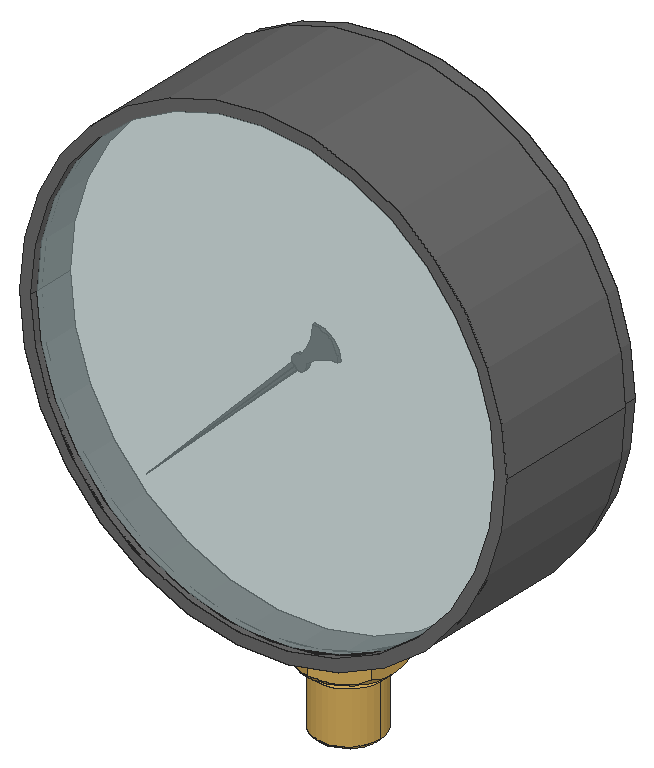
Revit family "РОСМА_МанометрТочныхИзмерений", category Арматура трубопроводов, Revit 2018 (continued)
Definition of nested family "Корпус манометра_ТИ"
  Automatic sketch dimensions
    curve 84 to curve 84 = 1.759 mm
    curve 84 to curve 84 = 1.831 mm
    curve 85 to curve 85 = 1.759 mm
    curve 85 to curve 85 = 1.831 mm
    curve 86 to curve 86 = 1.759 mm
    curve 86 to curve 86 = 1.831 mm
    curve 87 to curve 87 = 1.759 mm
    curve 87 to curve 87 = 1.831 mm
    curve 88 to curve 88 = 1.759 mm
    curve 88 to curve 88 = 1.831 mm
    curve 89 to curve 89 = 1.759 mm
    curve 89 to curve 89 = 1.831 mm
    curve 90 to curve 90 = 1.759 mm
    curve 90 to curve 90 = 1.831 mm
    curve 91 to curve 91 = 1.759 mm
    curve 91 to curve 91 = 1.831 mm
    curve 92 to curve 92 = 1.759 mm
    curve 92 to curve 92 = 1.831 mm
    curve 93 to curve 93 = 1.759 mm
    curve 93 to curve 93 = 1.831 mm
    curve 94 to curve 94 = 1.759 mm
    curve 94 to curve 94 = 1.831 mm
    curve 95 to curve 95 = 1.759 mm
    curve 95 to curve 95 = 1.831 mm
    curve 96 to curve 96 = 1.759 mm
    curve 96 to curve 96 = 1.831 mm
    curve 97 to curve 97 = 1.759 mm
    curve 97 to curve 97 = 1.831 mm
    curve 98 to curve 98 = 1.759 mm
    curve 98 to curve 98 = 1.831 mm
    curve 99 to curve 99 = 1.759 mm
    curve 99 to curve 99 = 1.831 mm
    curve 100 to curve 100 = 1.759 mm
    curve 100 to curve 100 = 1.831 mm
    curve 101 to curve 101 = 1.759 mm
    curve 101 to curve 101 = 1.831 mm
    curve 102 to curve 102 = 1.759 mm
    curve 102 to curve 102 = 1.831 mm
    curve 103 to curve 103 = 1.759 mm
    curve 103 to curve 103 = 1.831 mm
    curve 104 to curve 104 = 1.759 mm
    curve 104 to curve 104 = 1.831 mm
    curve 105 to curve 105 = 1.759 mm
    curve 105 to curve 105 = 1.831 mm
    curve 106 to curve 106 = 1.759 mm
    curve 106 to curve 106 = 1.831 mm
    curve 107 to curve 107 = 1.759 mm
    curve 107 to curve 107 = 1.831 mm
    curve 108 to curve 108 = 1.759 mm
    curve 108 to curve 108 = 1.831 mm
    curve 109 to curve 109 = 1.759 mm
    curve 109 to curve 109 = 1.831 mm
    curve 110 to curve 110 = 1.759 mm
    curve 110 to curve 110 = 1.831 mm
    curve 111 to curve 111 = 1.759 mm
    curve 111 to curve 111 = 1.831 mm
    curve 112 to curve 112 = 1.759 mm
    curve 112 to curve 112 = 1.831 mm
    curve 113 to curve 113 = 1.759 mm
    curve 113 to curve 113 = 1.831 mm
    curve 114 to curve 114 = 1.759 mm
    curve 114 to curve 114 = 1.831 mm
    curve 115 to curve 115 = 1.759 mm
    curve 115 to curve 115 = 1.831 mm
    curve 116 to curve 116 = 1.759 mm
    curve 116 to curve 116 = 1.831 mm
    curve 117 to curve 117 = 1.759 mm
    curve 117 to curve 117 = 1.831 mm
    curve 118 to curve 118 = 1.759 mm
    curve 118 to curve 118 = 1.831 mm
    curve 119 to curve 119 = 1.759 mm
    curve 119 to curve 119 = 1.831 mm
    curve 120 to curve 120 = 1.759 mm
    curve 120 to curve 120 = 1.831 mm
    curve 121 to curve 121 = 1.759 mm
    curve 121 to curve 121 = 1.831 mm
    curve 122 to curve 122 = 1.759 mm
    curve 122 to curve 122 = 1.831 mm
    curve 123 to curve 123 = 1.759 mm
    curve 123 to curve 123 = 1.831 mm
    curve 124 to curve 124 = 1.759 mm
    curve 124 to curve 124 = 1.831 mm
    curve 125 to curve 125 = 1.759 mm
    curve 125 to curve 125 = 1.831 mm
    curve 126 to curve 126 = 1.759 mm
    curve 126 to curve 126 = 1.831 mm
    curve 127 to curve 127 = 1.759 mm
    curve 127 to curve 127 = 1.831 mm
    curve 128 to curve 128 = 1.759 mm
    curve 128 to curve 128 = 1.831 mm
    curve 129 to curve 129 = 1.759 mm
    curve 129 to curve 129 = 1.831 mm
    curve 130 to curve 130 = 1.759 mm
    curve 130 to curve 130 = 1.831 mm
    curve 131 to curve 131 = 1.759 mm
    curve 131 to curve 131 = 1.831 mm
    curve 132 to curve 132 = 1.759 mm
    curve 132 to curve 132 = 1.831 mm
    curve 133 to curve 133 = 1.759 mm
    curve 133 to curve 133 = 1.831 mm
    curve 134 to curve 134 = 1.759 mm
    curve 134 to curve 134 = 1.831 mm
    curve 135 to curve 135 = 1.759 mm
    curve 135 to curve 135 = 1.831 mm
    curve 136 to curve 136 = 1.759 mm
    curve 136 to curve 136 = 1.831 mm
    curve 137 to curve 137 = 1.759 mm
    curve 137 to curve 137 = 1.831 mm
    curve 138 to curve 138 = 1.759 mm
    curve 138 to curve 138 = 1.831 mm
    curve 139 to curve 139 = 1.759 mm
    curve 139 to curve 139 = 1.831 mm
    curve 140 to curve 140 = 1.759 mm
    curve 140 to curve 140 = 1.831 mm
    curve 141 to curve 141 = 1.759 mm
    curve 141 to curve 141 = 1.831 mm
    curve 142 to curve 142 = 1.759 mm
    curve 142 to curve 142 = 1.831 mm
    curve 143 to curve 143 = 1.759 mm
    curve 143 to curve 143 = 1.831 mm
    curve 144 to curve 144 = 1.759 mm
    curve 144 to curve 144 = 1.831 mm
    curve 145 to curve 145 = 1.759 mm
    curve 145 to curve 145 = 1.831 mm
    curve 146 to curve 146 = 1.759 mm
    curve 146 to curve 146 = 1.831 mm
    curve 157 to curve 157 = 1.759 mm
    curve 157 to curve 157 = 1.831 mm
    Extrusion 5 sketch curve to level = 0 mm
    Extrusion 5 sketch curve to plane 3 "По центру (Влево/Вправо)" = 0 mm
    plane 3 "По центру (Влево/Вправо)" to Extrusion 5 sketch curve = 4.123 mm  (x2)
    plane 9 "sr" to Extrusion 5 sketch curve = 0.432 mm
    plane 10 "sl" to Extrusion 5 sketch curve = 1.202 mm
    Extrusion 5 sketch curve to level = 8.836 mm
    level to Extrusion 5 sketch curve = 4.15 mm
    level to Extrusion 5 sketch curve = 11.827 mm
    plane 3 "По центру (Влево/Вправо)" to Extrusion 5 sketch curve = 0.392 mm
    level to Extrusion 5 sketch curve = 0.444 mm
    plane 3 "По центру (Влево/Вправо)" to Extrusion 5 sketch curve = 2.33 mm
    curve 218 to curve 218 = 1.759 mm
    curve 218 to curve 218 = 1.831 mm
    curve 217 to curve 217 = 1.759 mm
    curve 217 to curve 217 = 1.831 mm
    curve 219 to curve 219 = 1.759 mm
    curve 219 to curve 219 = 1.831 mm
    curve 220 to curve 220 = 1.759 mm
    curve 220 to curve 220 = 1.831 mm
    curve 221 to curve 221 = 1.759 mm
    curve 221 to curve 221 = 1.831 mm
    curve 222 to curve 222 = 1.759 mm
    curve 222 to curve 222 = 1.831 mm
    curve 223 to curve 223 = 1.759 mm
    curve 223 to curve 223 = 1.831 mm
    curve 224 to curve 224 = 1.759 mm
    curve 224 to curve 224 = 1.831 mm
    curve 225 to curve 225 = 1.759 mm
    curve 225 to curve 225 = 1.831 mm
    curve 226 to curve 226 = 1.759 mm
    curve 226 to curve 226 = 1.831 mm
    curve 227 to curve 227 = 1.759 mm
    curve 227 to curve 227 = 1.831 mm
    curve 228 to curve 228 = 1.759 mm
    curve 228 to curve 228 = 1.831 mm
    curve 229 to curve 229 = 1.759 mm
    curve 229 to curve 229 = 1.831 mm
    curve 230 to curve 230 = 1.759 mm
    curve 230 to curve 230 = 1.831 mm
    curve 231 to curve 231 = 1.759 mm
    curve 231 to curve 231 = 1.831 mm
    curve 232 to curve 232 = 1.759 mm
    curve 232 to curve 232 = 1.831 mm
    curve 233 to curve 233 = 1.759 mm
    curve 233 to curve 233 = 1.831 mm
    curve 234 to curve 234 = 1.759 mm
    curve 234 to curve 234 = 1.831 mm
    curve 235 to curve 235 = 1.759 mm
    curve 235 to curve 235 = 1.831 mm
    curve 236 to curve 236 = 1.759 mm
    curve 236 to curve 236 = 1.831 mm
    curve 237 to curve 237 = 1.759 mm
    curve 237 to curve 237 = 1.831 mm
    curve 238 to curve 238 = 1.759 mm
    curve 238 to curve 238 = 1.831 mm
    curve 239 to curve 239 = 1.759 mm
    curve 239 to curve 239 = 1.831 mm
    curve 240 to curve 240 = 1.759 mm
    curve 240 to curve 240 = 1.831 mm
    curve 241 to curve 241 = 1.759 mm
    curve 241 to curve 241 = 1.831 mm
    curve 242 to curve 242 = 1.759 mm
    curve 242 to curve 242 = 1.831 mm
    curve 243 to curve 243 = 1.759 mm
    curve 243 to curve 243 = 1.831 mm
    curve 244 to curve 244 = 1.759 mm
    curve 244 to curve 244 = 1.831 mm
    curve 245 to curve 245 = 1.759 mm
    curve 245 to curve 245 = 1.831 mm
    curve 246 to curve 246 = 1.759 mm
    curve 246 to curve 246 = 1.831 mm
    curve 247 to curve 247 = 1.759 mm
    curve 247 to curve 247 = 1.831 mm
    curve 248 to curve 248 = 1.759 mm
    curve 248 to curve 248 = 1.831 mm
    curve 249 to curve 249 = 1.759 mm
    curve 249 to curve 249 = 1.831 mm
    curve 250 to curve 250 = 1.759 mm
    curve 250 to curve 250 = 1.831 mm
    curve 251 to curve 251 = 1.759 mm
    curve 251 to curve 251 = 1.831 mm
    curve 252 to curve 252 = 1.759 mm
    curve 252 to curve 252 = 1.831 mm
    curve 253 to curve 253 = 1.759 mm
    curve 253 to curve 253 = 1.831 mm
    curve 254 to curve 254 = 1.759 mm
    curve 254 to curve 254 = 1.831 mm
    curve 255 to curve 255 = 1.759 mm
    curve 255 to curve 255 = 1.831 mm
    curve 256 to curve 256 = 1.759 mm
    curve 256 to curve 256 = 1.831 mm
    curve 257 to curve 257 = 1.759 mm
    curve 257 to curve 257 = 1.831 mm
    curve 258 to curve 258 = 1.759 mm
    curve 258 to curve 258 = 1.831 mm
    curve 259 to curve 259 = 1.759 mm
    curve 259 to curve 259 = 1.831 mm
    curve 260 to curve 260 = 1.759 mm
    curve 260 to curve 260 = 1.831 mm
    curve 261 to curve 261 = 1.759 mm
    curve 261 to curve 261 = 1.831 mm
    curve 262 to curve 262 = 1.759 mm
    curve 262 to curve 262 = 1.831 mm
    curve 263 to curve 263 = 1.759 mm
    curve 263 to curve 263 = 1.831 mm
    curve 264 to curve 264 = 1.759 mm
    curve 264 to curve 264 = 1.831 mm
    curve 265 to curve 265 = 1.759 mm
    curve 265 to curve 265 = 1.831 mm
    curve 266 to curve 266 = 1.759 mm
    curve 266 to curve 266 = 1.831 mm
    curve 267 to curve 267 = 1.759 mm
    curve 267 to curve 267 = 1.831 mm
    curve 268 to curve 268 = 1.759 mm
    curve 268 to curve 268 = 1.831 mm
    curve 269 to curve 269 = 1.759 mm
    curve 269 to curve 269 = 1.831 mm
    curve 270 to curve 270 = 1.759 mm
    curve 270 to curve 270 = 1.831 mm
    curve 271 to curve 271 = 1.759 mm
    curve 271 to curve 271 = 1.831 mm
    curve 272 to curve 272 = 1.759 mm
    curve 272 to curve 272 = 1.831 mm
    curve 273 to curve 273 = 1.759 mm
    curve 273 to curve 273 = 1.831 mm
    curve 274 to curve 274 = 1.759 mm
    curve 274 to curve 274 = 1.831 mm
    curve 275 to curve 275 = 1.759 mm
    curve 275 to curve 275 = 1.831 mm
    curve 276 to curve 276 = 1.759 mm
    curve 276 to curve 276 = 1.831 mm
    curve 277 to curve 277 = 1.759 mm
    curve 277 to curve 277 = 1.831 mm
    curve 278 to curve 278 = 1.759 mm
    curve 278 to curve 278 = 1.831 mm
    curve 279 to curve 279 = 1.759 mm
    curve 279 to curve 279 = 1.831 mm
    curve 280 to curve 280 = 1.759 mm
    curve 280 to curve 280 = 1.831 mm
    curve 281 to curve 281 = 1.759 mm
    curve 281 to curve 281 = 1.831 mm
    curve 282 to curve 282 = 1.759 mm
    curve 282 to curve 282 = 1.831 mm
    curve 283 to curve 283 = 1.759 mm
    curve 283 to curve 283 = 1.831 mm
    curve 284 to curve 284 = 1.759 mm
    curve 284 to curve 284 = 1.831 mm
    curve 285 to curve 285 = 1.759 mm
    curve 285 to curve 285 = 1.831 mm
    curve 286 to curve 286 = 1.759 mm
    curve 286 to curve 286 = 1.831 mm
    curve 287 to curve 287 = 1.759 mm
    curve 287 to curve 287 = 1.831 mm
    curve 288 to curve 288 = 1.759 mm
    curve 288 to curve 288 = 1.831 mm
    curve 289 to curve 289 = 1.759 mm
    curve 289 to curve 289 = 1.831 mm
    curve 290 to curve 290 = 1.759 mm
    curve 290 to curve 290 = 1.831 mm
    curve 291 to curve 291 = 1.759 mm
    curve 291 to curve 291 = 1.831 mm
    curve 292 to curve 292 = 1.759 mm
    curve 292 to curve 292 = 1.831 mm
    curve 293 to curve 293 = 1.759 mm
    curve 293 to curve 293 = 1.831 mm
    curve 294 to curve 294 = 1.759 mm
    curve 294 to curve 294 = 1.831 mm
    curve 295 to curve 295 = 1.759 mm
    curve 295 to curve 295 = 1.831 mm
    curve 296 to curve 296 = 1.759 mm
    curve 296 to curve 296 = 1.831 mm
    curve 297 to curve 297 = 1.759 mm
    curve 297 to curve 297 = 1.831 mm
    curve 298 to curve 298 = 1.759 mm
    curve 298 to curve 298 = 1.831 mm
    curve 299 to curve 299 = 1.759 mm
    curve 299 to curve 299 = 1.831 mm
    curve 300 to curve 300 = 1.759 mm
    curve 300 to curve 300 = 1.831 mm
    curve 301 to curve 301 = 1.759 mm
    curve 301 to curve 301 = 1.831 mm
    curve 302 to curve 302 = 1.759 mm
    curve 302 to curve 302 = 1.831 mm
    curve 303 to curve 303 = 1.759 mm
    curve 303 to curve 303 = 1.831 mm
    curve 304 to curve 304 = 1.759 mm
    curve 304 to curve 304 = 1.831 mm
    curve 305 to curve 305 = 1.759 mm
    curve 305 to curve 305 = 1.831 mm
    curve 315 to curve 315 = 13.751 mm
    curve 316 to curve 316 = 13.751 mm
    curve 201 to curve 201 = 0.5 mm
    curve 201 to curve 201 = 3.276 mm
    curve 165 to curve 164 = 0.273 mm
    curve 165 to curve 170 = 4.273 mm
    curve 170 to curve 201 = 5.048 mm
    curve 201 to curve 200 = 0.052 mm
    curve 201 to curve 209 = 3.696 mm
    curve 207 to curve 207 = 0.359 mm
    curve 201 to curve 190 = 5.684 mm
    curve 189 to curve 190 = 1.451 mm
    curve 170 to curve 165 = 0.7 mm
    curve 170 to curve 190 = 2.319 mm
    curve 170 to curve 201 = 10.694 mm
    curve 201 to curve 200 = 0.021 mm
    curve 207 to curve 209 = 3.572 mm
    curve 165 to curve 165 = 0.495 mm
    curve 201 to curve 200 = 0.038 mm
    curve 200 to curve 201 = 1.731 mm
    curve 200 to curve 207 = 2.932 mm
    curve 209 to curve 209 = 1.293 mm
    curve 189 to curve 189 = 1.203 mm
    curve 189 to curve 191 = 3.856 mm
    curve 191 to curve 190 = 4.488 mm
    curve 189 to curve 191 = 0 mm
    curve 201 to curve 200 = 1.57 mm
    curve 209 to curve 209 = 1.164 mm
    curve 165 to curve 169 = 0.15 mm
    curve 170 to curve 173 = 5.053 mm
    curve 170 to curve 173 = 0.079 mm
    curve 165 to curve 169 = 0.079 mm
    curve 166 to curve 164 = 0.758 mm
    curve 161 to curve 161 = 1.079 mm
    curve 173 to curve 173 = 1.696 mm  (x2)
    curve 210 to curve 207 = 0.41 mm
    curve 216 to curve 216 = 2.225 mm
    curve 189 to curve 196 = 0.987 mm
    curve 198 to curve 190 = 0.697 mm
    curve 198 to curve 198 = 0.444 mm
    curve 192 to curve 191 = 0.972 mm
    curve 173 to curve 173 = 1.523 mm
    curve 161 to curve 165 = 1.29 mm
    curve 192 to curve 198 = 2.173 mm
    curve 198 to curve 190 = 0.867 mm
    curve 216 to curve 207 = 2.225 mm
    curve 207 to curve 210 = 1.24 mm
    curve 168 to curve 169 = 0.862 mm
    curve 201 to curve 205 = 0.038 mm
    curve 205 to curve 209 = 0.784 mm
    curve 211 to curve 211 = 0.756 mm
    curve 201 to curve 215 = 2.179 mm
    curve 196 to curve 194 = 0.351 mm
    curve 198 to curve 194 = 0.132 mm
    curve 194 to curve 198 = 1.029 mm
    curve 215 to curve 201 = 0.888 mm
    curve 211 to curve 210 = 0.014 mm
    curve 205 to curve 209 = 1.127 mm
    curve 201 to curve 205 = 1.363 mm
    curve 170 to curve 171 = 0 mm  (x4)
    curve 162 to curve 165 = 0.556 mm
    curve 213 to curve 201 = 0.253 mm
    curve 173 to curve 172 = 0.042 mm
    curve 200 to curve 212 = 0.492 mm
    curve 175 to curve 173 = 0.639 mm
    curve 174 to curve 173 = 0.63 mm
    curve 173 to curve 177 = 0.797 mm
    curve 208 to curve 207 = 0.056 mm
    curve 176 to curve 187 = 1.048 mm
    curve 176 to curve 178 = 1.122 mm
    curve 207 to curve 212 = 0.29 mm
    curve 187 to curve 185 = 0.925 mm
    curve 187 to curve 179 = 1.349 mm
    curve 185 to curve 184 = 0.888 mm
    curve 178 to curve 180 = 2.608 mm
    curve 179 to curve 184 = 1.405 mm
    curve 179 to curve 181 = 1.043 mm
    curve 197 to curve 198 = 0.964 mm
    curve 176 to curve 173 = 0.725 mm
    curve 181 to curve 189 = 0 mm
    curve 182 to curve 184 = 0.566 mm
    curve 162 to curve 168 = 0.863 mm
    curve 173 to curve 175 = 0.582 mm
    curve 185 to curve 179 = 1.388 mm
    curve 179 to curve 184 = 0.116 mm
    curve 178 to curve 187 = 0.151 mm
    curve 172 to curve 173 = 0.019 mm
    curve 189 to curve 181 = 0.081 mm
    curve 173 to curve 178 = 0.797 mm
    curve 201 to curve 214 = 0.138 mm
    curve 200 to curve 213 = 0.914 mm
    curve 208 to curve 207 = 0.011 mm
    curve 204 to curve 200 = 1.222 mm
    curve 42 to curve 42 = 0.5 mm
    curve 42 to curve 42 = 3.276 mm
    curve 6 to curve 5 = 0.273 mm
    curve 6 to curve 11 = 4.273 mm
    curve 11 to curve 42 = 5.048 mm
    curve 42 to curve 41 = 0.052 mm
    curve 42 to curve 50 = 3.696 mm
    curve 48 to curve 48 = 0.359 mm
    curve 42 to curve 31 = 5.684 mm
    curve 30 to curve 31 = 1.451 mm
    curve 11 to curve 6 = 0.7 mm
    curve 11 to curve 31 = 2.319 mm
    curve 11 to curve 42 = 10.694 mm
    curve 42 to curve 41 = 0.021 mm
    curve 48 to curve 50 = 3.572 mm
    curve 6 to curve 6 = 0.495 mm
    curve 42 to curve 41 = 0.038 mm
    curve 41 to curve 42 = 1.731 mm
    curve 41 to curve 48 = 2.932 mm
    curve 50 to curve 50 = 1.293 mm
    curve 30 to curve 30 = 1.203 mm
    curve 30 to curve 32 = 3.856 mm
    curve 32 to curve 31 = 4.488 mm
    curve 30 to curve 32 = 0 mm
    curve 42 to curve 41 = 1.57 mm
    curve 50 to curve 50 = 1.164 mm
    curve 6 to curve 10 = 0.15 mm
    curve 11 to curve 14 = 5.053 mm
    curve 11 to curve 14 = 0.079 mm
    curve 6 to curve 10 = 0.079 mm
    curve 7 to curve 5 = 0.758 mm
    curve 2 to curve 2 = 1.079 mm
    curve 14 to curve 14 = 1.696 mm  (x2)
    curve 51 to curve 48 = 0.41 mm
    curve 57 to curve 57 = 2.225 mm
    curve 30 to curve 37 = 0.987 mm
    curve 39 to curve 31 = 0.697 mm
    curve 39 to curve 39 = 0.444 mm
    curve 33 to curve 32 = 0.972 mm
    curve 14 to curve 14 = 1.523 mm
    curve 2 to curve 6 = 1.29 mm
    curve 33 to curve 39 = 2.173 mm
    curve 39 to curve 31 = 0.867 mm
    curve 57 to curve 48 = 2.225 mm
    curve 48 to curve 51 = 1.24 mm
    curve 9 to curve 10 = 0.862 mm
    curve 42 to curve 46 = 0.038 mm
    curve 46 to curve 50 = 0.784 mm
    curve 52 to curve 52 = 0.756 mm
    curve 42 to curve 56 = 2.179 mm
    curve 37 to curve 35 = 0.351 mm
    curve 39 to curve 35 = 0.132 mm
    curve 35 to curve 39 = 1.029 mm
    curve 56 to curve 42 = 0.888 mm
    curve 52 to curve 51 = 0.014 mm
    curve 46 to curve 50 = 1.127 mm
    curve 42 to curve 46 = 1.363 mm
    curve 11 to curve 12 = 0 mm  (x4)
    curve 3 to curve 6 = 0.556 mm
    curve 54 to curve 42 = 0.253 mm
    curve 14 to curve 13 = 0.042 mm
    curve 41 to curve 53 = 0.492 mm
    curve 16 to curve 14 = 0.639 mm
    curve 15 to curve 14 = 0.63 mm
    curve 14 to curve 18 = 0.797 mm
    curve 49 to curve 48 = 0.056 mm
    curve 17 to curve 28 = 1.048 mm
    curve 17 to curve 19 = 1.122 mm
    curve 48 to curve 53 = 0.29 mm
    curve 28 to curve 26 = 0.925 mm
    curve 28 to curve 20 = 1.349 mm
    curve 26 to curve 25 = 0.888 mm
    curve 19 to curve 21 = 2.608 mm
    curve 20 to curve 25 = 1.405 mm
    curve 20 to curve 22 = 1.043 mm
    curve 38 to curve 39 = 0.964 mm
    curve 17 to curve 14 = 0.725 mm
    curve 22 to curve 30 = 0 mm
    curve 23 to curve 25 = 0.566 mm
    curve 3 to curve 9 = 0.863 mm
    curve 14 to curve 16 = 0.582 mm
    curve 26 to curve 20 = 1.388 mm
    curve 20 to curve 25 = 0.116 mm
    curve 19 to curve 28 = 0.151 mm
    curve 13 to curve 14 = 0.019 mm
    curve 30 to curve 22 = 0.081 mm
    curve 14 to curve 19 = 0.797 mm
    curve 42 to curve 55 = 0.138 mm
    curve 41 to curve 54 = 0.914 mm
    curve 49 to curve 48 = 0.011 mm
    curve 45 to curve 41 = 1.222 mm
    curve 327 to curve 328 = 0 mm  (x6)
    curve 348 to curve 349 = 0.972 mm
    curve 349 to curve 348 = 4.494 mm
    curve 349 to curve 351 = 1.197 mm  (x2)
    curve 350 to curve 354 = 1.038 mm
    curve 347 to curve 355 = 1.112 mm
    curve 354 to curve 356 = 0.964 mm
    curve 354 to curve 352 = 1.034 mm
    curve 355 to curve 346 = 1.149 mm
    curve 351 to curve 352 = 1.197 mm
    curve 352 to curve 346 = 0.987 mm
    curve 346 to curve 337 = 1.692 mm
    curve 338 to curve 339 = 0.971 mm
    curve 337 to curve 337 = 1.043 mm
    curve 336 to curve 371 = 2.832 mm  (x2)
    curve 339 to curve 341 = 1.097 mm
    curve 340 to curve 335 = 1.409 mm
    curve 371 to curve 366 = 10.223 mm
    curve 341 to curve 343 = 0.888 mm
    curve 366 to curve 368 = 1.32 mm
    curve 365 to curve 369 = 2.49 mm
    curve 336 to curve 335 = 2.608 mm
    curve 365 to curve 364 = 1.273 mm
    curve 335 to curve 344 = 1.357 mm  (x2)
    curve 364 to curve 365 = 0.057 mm
    curve 371 to curve 359 = 2.353 mm  (x2)
    curve 366 to curve 366 = 1.74 mm
    curve 365 to curve 368 = 0.756 mm
    curve 334 to curve 333 = 1.122 mm
    curve 364 to curve 361 = 1.373 mm
    curve 333 to curve 332 = 1.077 mm  (x2)
    curve 333 to curve 331 = 1.127 mm
    curve 359 to curve 359 = 2.337 mm  (x2)
    curve 330 to curve 331 = 0.891 mm
    curve 330 to curve 332 = 0.864 mm  (x2)
    curve 365 to curve 369 = 3.211 mm
    curve 369 to curve 357 = 1.038 mm
    curve 332 to curve 329 = 1.372 mm  (x2)
    curve 329 to curve 330 = 0.046 mm  (x2)
    curve 357 to curve 358 = 0.056 mm
    curve 358 to curve 370 = 0.289 mm  (x2)
    curve 369 to curve 360 = 1.641 mm
    curve 357 to curve 363 = 3.602 mm
    curve 362 to curve 363 = 1.364 mm
    curve 330 to curve 327 = 5.053 mm
    curve 327 to curve 320 = 3.875 mm
    curve 322 to curve 321 = 3.186 mm
    curve 322 to curve 323 = 0.768 mm
    curve 326 to curve 322 = 0.17 mm
    curve 320 to curve 319 = 1.051 mm
    curve 326 to curve 323 = 0.862 mm
    curve 318 to curve 317 = 1.079 mm
    curve 350 to curve 352 = 1.897 mm
    curve 340 to curve 346 = 1.459 mm
    curve 344 to curve 342 = 1.084 mm
    curve 318 to curve 320 = 1.664 mm
    curve 342 to curve 336 = 1.451 mm
    curve 335 to curve 340 = 1.409 mm
    curve 320 to curve 325 = 0.929 mm
    curve 322 to curve 328 = 3.875 mm
    curve 351 to curve 354 = 1.034 mm
    curve 326 to curve 322 = 0.716 mm
    curve 322 to curve 326 = 0.17 mm
    curve 354 to curve 356 = 1.514 mm
    curve 355 to curve 348 = 1.112 mm
    curve 331 to curve 333 = 1.127 mm
    curve 340 to curve 336 = 2.5 mm
    curve 359 to curve 358 = 3.474 mm
    curve 358 to curve 357 = 0.056 mm
    curve 365 to curve 365 = 1.3 mm
    curve 365 to curve 364 = 0.057 mm
    curve 360 to curve 357 = 1.222 mm
    curve 365 to curve 367 = 0.756 mm
    curve 368 to curve 367 = 1.32 mm
    curve 367 to curve 361 = 1.41 mm
    curve 361 to curve 366 = 1.373 mm
    curve 363 to curve 362 = 1.364 mm
    curve 372 to curve 371 = 2.421 mm
    curve 373 to curve 369 = 2.294 mm
    curve 371 to curve 372 = 2.421 mm
    curve 333 to curve 339 = 3.802 mm
    curve 318 to curve 330 = 10.13 mm
    Extrusion 6 sketch curve to plane 14 = 0 mm  (x2)
    Extrusion 6 sketch curve to plane 16 = 0 mm
    Extrusion 6 sketch curve to plane 17 = 0 mm
    Extrusion 6 sketch curve to level = 0.614 mm
    Extrusion 7 sketch curve to plane 14 = 0 mm  (x2)
    Extrusion 7 sketch curve to plane 16 = 0 mm
    plane 3 "По центру (Влево/Вправо)" to Extrusion 7 sketch curve = 0.614 mm
    curve 159 to plane 10 "sl" = 16.519 mm
    curve 159 to curve 158 = 62.657 mm
    plane 9 "sr" to curve 158 = 107.621 mm
    curve 317 to curve 324 = 0.923 mm
    curve 324 to curve 320 = 0.156 mm
    curve 324 to curve 322 = 0.712 mm
    curve 323 to curve 323 = 0.862 mm
    curve 326 to curve 321 = 0.122 mm
    curve 325 to curve 320 = 0.344 mm
    curve 322 to curve 328 = 3.778 mm
    curve 322 to curve 363 = 8.548 mm
    curve 358 to curve 360 = 0.038 mm
    curve 363 to curve 362 = 0.038 mm
    curve 360 to curve 370 = 0.209 mm
    curve 370 to curve 358 = 0.253 mm
    curve 327 to curve 330 = 5.053 mm
    curve 330 to curve 329 = 0.042 mm
    curve 358 to curve 357 = 0.052 mm
    curve 357 to curve 369 = 0.492 mm
    curve 329 to curve 332 = 1.015 mm
    curve 329 to curve 331 = 1.024 mm
    curve 357 to curve 359 = 1.493 mm
    curve 331 to curve 331 = 0.63 mm
    curve 332 to curve 332 = 0.639 mm
    curve 358 to curve 362 = 2.912 mm
    curve 331 to curve 334 = 0.797 mm
    curve 361 to curve 367 = 0.733 mm
    curve 361 to curve 366 = 0.784 mm
    curve 357 to curve 359 = 1.731 mm
    curve 367 to curve 365 = 0.354 mm
    curve 333 to curve 344 = 1.048 mm
    curve 365 to curve 364 = 0.056 mm
    curve 333 to curve 335 = 1.122 mm
    curve 364 to curve 369 = 0.29 mm
    curve 367 to curve 368 = 0.756 mm
    curve 344 to curve 342 = 0.925 mm
    curve 369 to curve 373 = 0.632 mm
    curve 365 to curve 366 = 0.588 mm
    curve 343 to curve 336 = 1.349 mm
    curve 342 to curve 341 = 0.888 mm
    curve 358 to curve 371 = 2.179 mm
    curve 334 to curve 337 = 2.608 mm
    curve 335 to curve 341 = 1.405 mm
    curve 371 to curve 373 = 1.247 mm
    curve 336 to curve 338 = 1.043 mm
    curve 338 to curve 353 = 0.488 mm
    curve 346 to curve 353 = 0.987 mm
    curve 337 to curve 347 = 1.69 mm
    curve 352 to curve 352 = 0.351 mm
    curve 351 to curve 354 = 0.099 mm
    curve 346 to curve 356 = 0.754 mm
    curve 354 to curve 355 = 0.964 mm
    curve 354 to curve 350 = 0.132 mm
    curve 355 to curve 347 = 0.697 mm
    curve 350 to curve 350 = 0.351 mm
    curve 349 to curve 349 = 0.972 mm
    curve 333 to curve 346 = 0 mm
    curve 338 to curve 346 = 0 mm
    curve 350 to curve 352 = 0 mm
    curve 333 to curve 318 = 0.016 mm
    curve 339 to curve 341 = 0.566 mm
    curve 333 to curve 332 = 0.725 mm
    curve 352 to curve 352 = 1.144 mm
    curve 318 to curve 319 = 1.29 mm
    curve 330 to curve 332 = 0.582 mm
    curve 342 to curve 336 = 1.388 mm
    curve 335 to curve 341 = 0.116 mm
    curve 335 to curve 344 = 0.151 mm
    curve 319 to curve 325 = 0.863 mm
    curve 322 to curve 328 = 0.863 mm
    curve 350 to curve 355 = 1.029 mm
    curve 329 to curve 329 = 0.923 mm
    curve 329 to curve 330 = 0.019 mm
    curve 326 to curve 322 = 0.7 mm
    curve 322 to curve 326 = 0.079 mm
    curve 354 to curve 355 = 1.448 mm
    curve 355 to curve 347 = 0.867 mm
    curve 346 to curve 338 = 0.081 mm
    curve 331 to curve 335 = 0.797 mm
    curve 336 to curve 371 = 2.724 mm
    curve 371 to curve 359 = 0.888 mm
    curve 371 to curve 372 = 2.075 mm
    curve 359 to curve 359 = 1.57 mm
    curve 372 to curve 373 = 2.225 mm
    curve 359 to curve 358 = 3.112 mm
    curve 358 to curve 357 = 0.021 mm
    curve 358 to curve 371 = 0.138 mm
    curve 365 to curve 365 = 1.253 mm
    curve 365 to curve 364 = 0.011 mm
    curve 361 to curve 357 = 1.222 mm
    curve 368 to curve 367 = 0.014 mm
    curve 365 to curve 367 = 1.182 mm
    curve 361 to curve 364 = 1.127 mm
    curve 363 to curve 362 = 1.363 mm
    curve 384 to curve 385 = 0 mm  (x2)
    curve 374 to curve 381 = 0.923 mm
    curve 381 to curve 377 = 0.156 mm
    curve 381 to curve 379 = 0.712 mm
    curve 380 to curve 380 = 0.862 mm
    curve 383 to curve 378 = 0.122 mm
    curve 382 to curve 377 = 0.344 mm
    curve 379 to curve 385 = 3.778 mm
    curve 379 to curve 420 = 8.548 mm
    curve 415 to curve 417 = 0.038 mm
    curve 420 to curve 419 = 0.038 mm
    curve 417 to curve 427 = 0.209 mm
    curve 427 to curve 415 = 0.253 mm
    curve 384 to curve 387 = 5.053 mm
    curve 387 to curve 386 = 0.042 mm
    curve 415 to curve 414 = 0.052 mm
    curve 414 to curve 426 = 0.492 mm
    curve 386 to curve 389 = 1.015 mm
    curve 386 to curve 388 = 1.024 mm
    curve 414 to curve 416 = 1.493 mm
    curve 388 to curve 388 = 0.63 mm
    curve 389 to curve 389 = 0.639 mm
    curve 415 to curve 419 = 2.912 mm
    curve 388 to curve 391 = 0.797 mm
    curve 418 to curve 424 = 0.733 mm
    curve 418 to curve 423 = 0.784 mm
    curve 414 to curve 416 = 1.731 mm
    curve 424 to curve 422 = 0.354 mm
    curve 390 to curve 401 = 1.048 mm
    curve 422 to curve 421 = 0.056 mm
    curve 390 to curve 392 = 1.122 mm
    curve 421 to curve 426 = 0.29 mm
    curve 424 to curve 425 = 0.756 mm
    curve 401 to curve 399 = 0.925 mm
    curve 426 to curve 430 = 0.632 mm
    curve 422 to curve 423 = 0.588 mm
    curve 400 to curve 393 = 1.349 mm
    curve 399 to curve 398 = 0.888 mm
    curve 415 to curve 428 = 2.179 mm
    curve 391 to curve 394 = 2.608 mm
    curve 392 to curve 398 = 1.405 mm
    curve 428 to curve 430 = 1.247 mm
    curve 393 to curve 395 = 1.043 mm
    curve 395 to curve 410 = 0.488 mm
    curve 403 to curve 410 = 0.987 mm
    curve 394 to curve 404 = 1.69 mm
    curve 409 to curve 409 = 0.351 mm
    curve 408 to curve 411 = 0.099 mm
    curve 403 to curve 413 = 0.754 mm
    curve 411 to curve 412 = 0.964 mm
    curve 411 to curve 407 = 0.132 mm
    curve 412 to curve 404 = 0.697 mm
    curve 407 to curve 407 = 0.351 mm
    curve 406 to curve 406 = 0.972 mm
    curve 390 to curve 403 = 0 mm
    curve 395 to curve 403 = 0 mm
    curve 407 to curve 409 = 0 mm
    curve 390 to curve 375 = 0.016 mm
    curve 396 to curve 398 = 0.566 mm
    curve 390 to curve 389 = 0.725 mm
    curve 409 to curve 409 = 1.144 mm
    curve 375 to curve 376 = 1.29 mm
    curve 387 to curve 389 = 0.582 mm
    curve 399 to curve 393 = 1.388 mm
    curve 392 to curve 398 = 0.116 mm
    curve 392 to curve 401 = 0.151 mm
    curve 376 to curve 382 = 0.863 mm
    curve 379 to curve 385 = 0.863 mm
    curve 407 to curve 412 = 1.029 mm
    curve 386 to curve 386 = 0.923 mm
    curve 386 to curve 387 = 0.019 mm
    curve 383 to curve 379 = 0.7 mm
    curve 379 to curve 383 = 0.079 mm
    curve 411 to curve 412 = 1.448 mm
    curve 412 to curve 404 = 0.867 mm
    curve 403 to curve 395 = 0.081 mm
    curve 388 to curve 392 = 0.797 mm
    curve 393 to curve 428 = 2.724 mm
    curve 428 to curve 416 = 0.888 mm
    curve 428 to curve 429 = 2.075 mm
    curve 416 to curve 416 = 1.57 mm
    curve 429 to curve 430 = 2.225 mm
    curve 416 to curve 415 = 3.112 mm
    curve 415 to curve 414 = 0.021 mm
    curve 415 to curve 428 = 0.138 mm
    curve 422 to curve 422 = 1.253 mm
    curve 422 to curve 421 = 0.011 mm
    curve 418 to curve 414 = 1.222 mm
    curve 425 to curve 424 = 0.014 mm
    curve 422 to curve 424 = 1.182 mm
    curve 418 to curve 421 = 1.127 mm
    curve 420 to curve 419 = 1.363 mm
    radius of curve 170 = 2.25 mm
    radius of curve 171 = 1.301 mm
    radius of curve 11 = 2.25 mm
    radius of curve 12 = 1.301 mm
    radius of curve 327 = 2.25 mm  (x2)
    radius of curve 328 = 1.301 mm  (x2)
    radius of curve 384 = 2.25 mm
    radius of curve 385 = 1.301 mm
Definition of nested family "‎"
  Types (24): name
    ТМ 0…4МПа
    ТМ 0…6МПа
    ТМ 0…10МПа
    ТМ 0…16МПа
    ТМ 0…25МПа
    ТМ 0…40МПа
    ТМ 0…60МПа
    ТМ 0…100МПа
    ТМВ -0,1…2,4МПа
    ТМВ -0,1…1,5МПа
    ТМВ -0,1…0,15МПа
    ТМВ -0,1…0,9МПа
    ТМВ -0,1…0,5МПа
    ТМВ -0,1…0,3МПа
    ТМ 0…2,5МПа
    ТМ 0…1,0МПа
    ТМ 0…1,6МПа
    ТМ 0…0,25МПа
    ТМ 0…0,16МПа
    ТМ 0…0,6МПа
    ТМ 0…0,06МПа
    ТМ 0…0,4МПа
    ТМ 0…0,1МПа
    ТМВ -0,1…0,06МПа
  Reference planes
    plane 1 "По центру (Вперед/Назад)": y = 0
    plane 2: z = 0
    plane 3 "По центру (Влево/Вправо)": x = 0
  Dimensions and locks
    aligned and locked: level to plane 2
Definition of nested family "‎   "
  Parameters (values of type "0,4")
    Height = 0 mm
  Types (3): name
    0,6
    0,4
    1
  Reference planes
    plane 1 "По центру (Вперед/Назад)": y = 0
    plane 2: z = 0
    plane 3 "По центру (Влево/Вправо)": x = 0
  Dimensions and locks
    aligned and locked: level to plane 2
Definition of nested family "DAA_УГО_МанометрПоказывающий_ГОСТ21.208-2013"
  Parameters (values of type "DAA_УГО_МанометрПоказывающий_ГОСТ21.208-2013")
    Центр2 = 0.5 * Масштаб_УГО  # 25 mm
    Центр = 0.9 * Масштаб_УГО  # 45 mm
    Масштаб_УГО = 50 mm
    Высота_выноски_на_виде_мм = 2
    rr = 0.8 * Масштаб_УГО  # 40 mm
    r = 2.5 * Масштаб_УГО  # 125 mm
    lr2 = 1.4 * Масштаб_УГО  # 70 mm
    lr1 = 0.8 * Масштаб_УГО  # 40 mm
    ll2 = 1.4 * Масштаб_УГО  # 70 mm
    ll1 = 0.8 * Масштаб_УГО  # 40 mm
    h5 = 3.8 * Масштаб_УГО  # 190 mm
    h4 = 4.2 * Масштаб_УГО  # 210 mm
    h3 = 3.4 * Масштаб_УГО  # 170 mm
    h2 = 2.6 * Масштаб_УГО  # 130 mm
    h1 = Высота_выноски_на_виде_мм * Масштаб_УГО  # 100 mm
  Reference planes
    plane 1 "По центру (Вперед/Назад)": y = 0
    plane 2: z = 0
    plane 3 "По центру (Влево/Вправо)": x = 0
    plane 4: z = 100
    plane 5: z = 225
    plane 6: x = -25
    plane 7: x = 45
    plane 8: z = 230
    plane 9: z = 270
    plane 10: z = 310
    plane 11: x = -70
    plane 12: x = -40
    plane 13: z = 290
    plane 14: x = 40
    plane 15: x = 70
  Lines and regions (mm)
    reference lines
      curve 1: circle (0, 0, 225) r 125 normal (0, -1, 0)
      curve 2: arc (-25, 0, 310) -> (-5, 0, 290) -> (-25, 0, 270) r 20
      curve 3: circle (45, 0, 270) r 40 normal (0, -1, 0)
    model lines
      curve 4: line (-70, 0, 230) -> (-70, 0, 310)
      curve 5: line (-25, 0, 270) -> (-70, 0, 270)
      curve 6: arc (70, 0, 301.225) -> (5, 0, 270) -> (70, 0, 238.775) r 40
      curve 7: line (70, 0, 270) -> (70, 0, 238.775)
      curve 8: line (70, 0, 270) -> (40, 0, 270)
      curve 9: line (-70, 0, 310) -> (-25, 0, 310)
      curve 10: arc (-25, 0, 310) -> (-5, 0, 290) -> (-25, 0, 270) r 20
      curve 11: circle (0, 0, 225) r 125 normal (0, -1, 0)
      curve 12: line (0, 0, 100) -> (0, 0, 0)
  Dimensions and locks
    "h1": plane 4 to level
    "r": plane 5 to plane 4
    "h2": plane 8 to plane 4
    "h3": plane 9 to plane 4
    "h4": plane 10 to plane 4
    "lr1": plane 14 to plane 3 "По центру (Влево/Вправо)"
    "lr2": plane 15 to plane 3 "По центру (Влево/Вправо)"
    "ll1": plane 3 "По центру (Влево/Вправо)" to plane 12
    "ll2": plane 3 "По центру (Влево/Вправо)" to plane 11
    "h5": plane 13 to plane 4
    "Центр": plane 7 to plane 3 "По центру (Влево/Вправо)"
    "Центр2": plane 3 "По центру (Влево/Вправо)" to plane 6
    "r": radius of curve 1
    "rr": radius of curve 3
    aligned and locked: level to plane 2
    aligned and locked: plane 11 to curve 4
    aligned and locked: curve 6 to curve 3
    aligned and locked: curve 7 to plane 15
    aligned and locked: curve 8 to plane 9
    aligned and locked: curve 9 to plane 10
    aligned and locked: curve 10 to curve 2
    aligned and locked: curve 11 to curve 1
    aligned and locked: curve 12 to plane 3 "По центру (Влево/Вправо)"
  Automatic sketch dimensions
    curve 8 to plane 14 = 0 mm
    curve 6 to plane 15 = 0 mm
    curve 12 to level = 0 mm
    curve 4 to plane 8 = 0 mm
    curve 2 to plane 6 = 0 mm
    curve 1 to plane 3 "По центру (Влево/Вправо)" = 0 mm
    curve 3 to plane 7 = 0 mm
    curve 1 to plane 5 = 0 mm
    curve 3 to plane 9 = 0 mm
    curve 2 to plane 9 = 0 mm
    curve 2 to plane 13 = 0 mm
